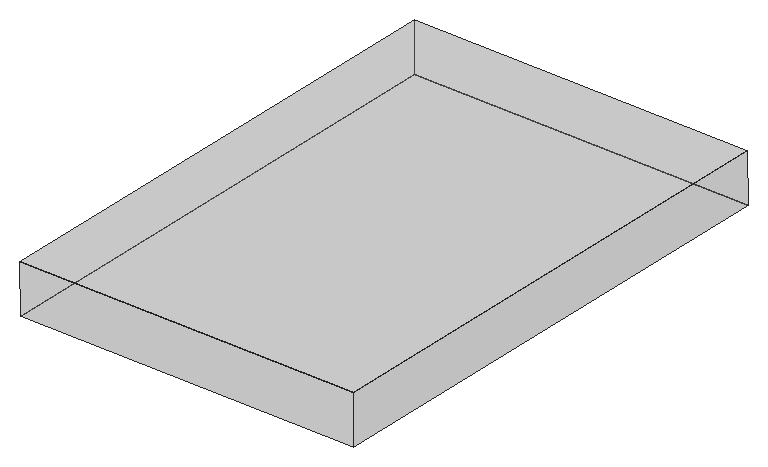
Revit family "3DZone", category Generic Models, Revit 2023
Family settings
  Can host rebar = No
  Round Connector Dimension = Use Diameter
  Part Type = Normal
  Work Plane-Based = No
  Always vertical = Yes
  Cut with Voids When Loaded = No
  Maintain Annotation Orientation = No
  Shared = No
  Room Calculation Point = No
Parameters (values of type "3DZone")
  URL = ""
  ExtrusionStart [instance] = -Bottom Offset  # 0 mm
  ExtrusionEnd [instance] = Top Offset  # 2000 mm
  Material = 3DZone
  Default Elevation = 0 mm
  Bottom Offset [instance] = 0 mm
  Top Offset [instance] = 2000 mm
Reference planes
  plane 1 "Center (Front/Back)": y = 0
  plane 2: z = 0
  plane 3 "Center (Left/Right)": x = 0
  plane 4 "BottomPlane": z = 0
  plane 5 "TopPlane": z = 2000
Forms (mm)
  Extrusion 1, solid, material "3DZone" <- "Material"
    sketch origin (0, 0, 0) x (0, 1, 0) y (-1, 0, 0)
      loop
        line (0, 0) -> (0, -13500) -> (20000, -13500) -> (20000, 0) -> (0, 0)
    from 0 <- "ExtrusionStart" to 2000 <- "ExtrusionEnd"
Lines and regions (mm)
  symbolic lines
    curve 1: line (0, 0, 2000) -> (0, -2000, 2000)
    curve 2: line (0, 0, 2000) -> (0, 0, 0)
    curve 3: line (0, -2000, 0) -> (0, -2000, 2000)
    curve 4: line (0, 0, 0) -> (0, -2000, 0)
Dimensions and locks
  "Top Offset": plane 5 "TopPlane" to level
  "Bottom Offset": level to plane 4 "BottomPlane"
  aligned and locked: plane 5 "TopPlane" to curve 1
  aligned and locked: plane 1 "Center (Front/Back)" to curve 2
  aligned and locked: plane 4 "BottomPlane" to curve 4
Automatic sketch dimensions
  plane 1 "Center (Front/Back)" to curve 4 = 2000 mm
  plane 1 "Center (Front/Back)" to Extrusion 1 sketch curve = 0 mm
  Extrusion 1 sketch curve to plane 3 "Center (Left/Right)" = 0 mm
  Extrusion 1 sketch curve to plane 1 "Center (Front/Back)" = 20000 mm
  plane 3 "Center (Left/Right)" to Extrusion 1 sketch curve = 13500 mm
